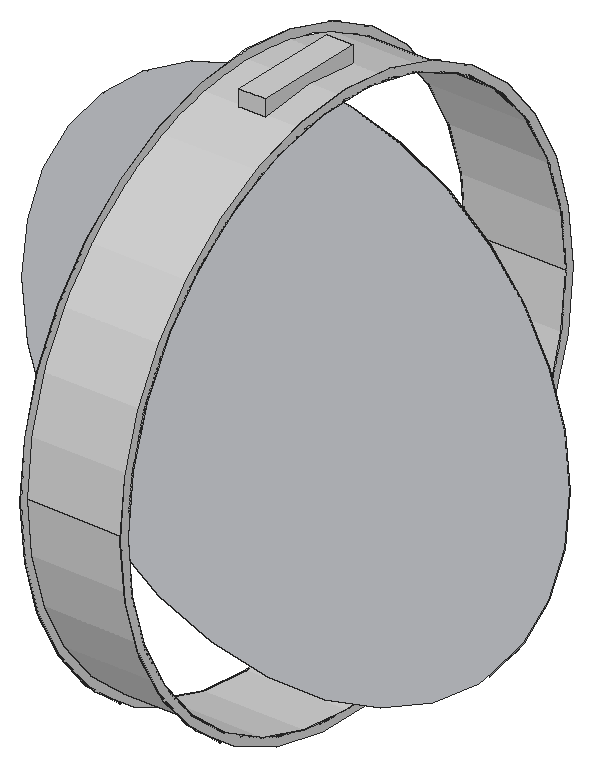
Revit family "НЕВАТОМ_Заслонка Э-D-ОЦ-Ф.Ф., Версия 2", category Арматура воздуховодов, Revit 2017
Family settings
  Размер круглого соединителя = Использовать диаметр
  Тип детали = Вставляется
  На основе рабочей плоскости = Нет
  Всегда вертикально = Нет
  При загрузке вырезать с полостями = Нет
  Общий = Нет
Parameters (values of type "Заслонка-Э-D-ф.ф.")
  Ширина крепления [instance] = D / 5  # 250 mm
  ШП = 150 mm  # constant formula
  Открыто = and(not(Закрыто))  # yes
  Материал корпуса = Материал корпуса
  Закрыто = no
  t = 1 mm
  Nevatom_URL = "https://t.me/NEVATOM_Bim_bot"
  H [instance] = D / 2 + 25 mm  # 650 mm
  Dф [instance] = D + 40 mm  # 1290 mm
  Длина площадки = 60 mm  # constant formula
  Dt [instance] = D + 2 * t  # 1252 mm
  L [instance] = size_lookup("НЕВАТОМ_Заслонка Э-D-ФФ", "L", 0 mm, D)  # 230 mm
  ADSK_Ток = 0 A
  ADSK_Полная мощность = 0 VA
  ADSK_Напряжение = 220 V
  D [instance] = 1250 mm
  ADSK_Расход воздуха [instance] = 0.0 m³/h
  ADSK_Примечание = ""
  ADSK_Потеря давления воздуха = 0.0 Pa
  ADSK_Позиция = ""
  ADSK_Наименование = "Заслонка круглого сечения"  # constant formula
  ADSK_Материал наименование = "Оцинкованная сталь"  # constant formula
  ADSK_Марка [instance] = size_lookup("НЕВАТОМ_Заслонка Э-D-ФФ", "", "нет типоразмера", D)  # "Заслонка-Э-1250-оц.-ф.ф."
  ADSK_Количество фаз = 1
  ADSK_Количество = 1  # constant formula
  ADSK_Код изделия = ""
  ADSK_Завод-изготовитель = "НЕВАТОМ"  # constant formula
  ADSK_Единица измерения = "шт."  # constant formula
Reference planes
  plane 1 "По центру (Вперед/Назад)": y = 0
  plane 2: z = 0
  plane 3 "По центру (Влево/Вправо)": x = 0
  plane 4: y = 625
  plane 5: y = -625
  plane 6: x = -115
  plane 7: x = 115
  plane 8: z = 626
  plane 9: z = -626
  plane 10: y = -626
  plane 11: y = 626
  plane 12: y = -125
  plane 13: y = 125
Forms (mm)
  Extrusion 1, solid, material "Материал корпуса" <- "Материал корпуса"
    sketch origin (0, 0, 0) x (0, 1, 0) y (0, 0, 1)
      loop
        circle (0, 0) r 626
      loop
        circle (0, 0) r 625
    from -115 to 115
  Extrusion 2, solid, visible <- "Открыто"
    sketch origin (0, 0, 0) x (1, 0, 0) y (0, 0, 1)
      loop
        circle (0, 0) r 625
    from -0.5 to 0.5
  Extrusion 3, solid, material "Материал корпуса" <- "Материал корпуса", visible <- "Закрыто"
    sketch origin (0, 0, 0) x (0, 1, 0) y (0, 0, 1)
      loop
        circle (0.5, 0) r 625
    from -0.5 to 0.5
  Extrusion 4, solid, material "Материал корпуса" <- "Материал корпуса"
    sketch origin (0, 0, 0) x (0, 1, 0) y (0, 0, 1)
      loop
        circle (0.5, 0) r 626
      loop
        circle (0.5, 0) r 645
    from -115 to -114
  Extrusion 5, solid, material "Материал корпуса" <- "Материал корпуса"
    sketch origin (0, 0, 0) x (0, 1, 0) y (0, 0, -1)
      loop
        circle (0.5, 0) r 626
      loop
        circle (0.5, 0) r 645
    from -115 to -114
  Extrusion 6, solid, material "Материал корпуса"
    sketch origin (0, 0, 0) x (0, 1, 0) y (0, 0, 1)
      loop
        arc (-125, 612.372) -> (0, 625) -> (125, 612.372) r 625
        line (125, 612.372) -> (125, 650) -> (-125, 650) -> (-125, 612.372)
    from -30 to 30
  Extrusion 7, solid, material "Материал корпуса", not visible
    sketch origin (0, 0, 0) x (1, 0, 0) y (0, 1, 0)
      loop
        line (-30, 125) -> (-30, -25) -> (30, -25) -> (30, 125) -> (-30, 125)
    from 626 to 650
Dimensions and locks
  equal spacing: plane 6, plane 3 "По центру (Влево/Вправо)", plane 7
  "L": plane 6 to plane 7
  equal spacing: plane 4, plane 1 "По центру (Вперед/Назад)", plane 5
  "D": plane 4 to plane 5
  equal spacing: plane 8, level, plane 9
  "Dt": plane 8 to plane 9
  equal spacing: plane 10, plane 1 "По центру (Вперед/Назад)", plane 11
  "Dt": plane 10 to plane 11
  equal spacing: Extrusion 2, plane 1 "По центру (Вперед/Назад)", Extrusion 2
  "t": Extrusion 2 to Extrusion 2
  equal spacing: Extrusion 3, plane 3 "По центру (Влево/Вправо)", Extrusion 3
  "t": Extrusion 3 to Extrusion 3
  equal spacing: plane 12, plane 1 "По центру (Вперед/Назад)", plane 13
  "Ширина крепления": plane 12 to plane 13
  "H": Extrusion 6 sketch curve to level
  equal spacing: Extrusion 6, plane 3 "По центру (Влево/Вправо)", Extrusion 6
  "Длина площадки": Extrusion 6 to Extrusion 6
  equal spacing: Extrusion 7 sketch curve, plane 3 "По центру (Влево/Вправо)", Extrusion 7 sketch curve
  "Длина площадки": Extrusion 7 sketch curve to Extrusion 7 sketch curve
  "t": plane 6 to Extrusion 4
  "t": Extrusion 5 to plane 7
  plane 6 to plane 7 = 230 mm
  plane 13 to plane 12 = 250 mm
  "ШП": plane 13 to Extrusion 7 sketch curve
  "D": diameter of Extrusion 1 sketch curve
  "Dt": diameter of Extrusion 1 sketch curve
  "D": diameter of Extrusion 2 sketch curve
  "D": diameter of Extrusion 3 sketch curve
  "Dt": diameter of Extrusion 4 sketch curve
  "Dф": diameter of Extrusion 4 sketch curve
  "Dt": diameter of Extrusion 5 sketch curve
  "Dф": diameter of Extrusion 5 sketch curve
  aligned and locked: level to plane 2
  aligned and locked: Extrusion 6 sketch curve to Extrusion 1
  aligned and locked: plane 7 to Extrusion 1
  aligned and locked: Extrusion 1 to plane 6
  aligned and locked: plane 7 to Extrusion 5
  aligned and locked: Extrusion 4 to plane 6
  aligned and locked: plane 13 to Extrusion 7
  aligned and locked: Extrusion 7 to plane 8
  aligned and locked: Extrusion 7 to Extrusion 6
Automatic sketch dimensions
  Extrusion 1 sketch curve to Extrusion 1 sketch curve = 0 mm  (x2)
  Extrusion 1 sketch curve to level = 0 mm
  Extrusion 1 sketch curve to plane 1 "По центру (Вперед/Назад)" = 0 mm
  Extrusion 2 sketch curve to level = 0 mm
  Extrusion 2 sketch curve to plane 3 "По центру (Влево/Вправо)" = 0 mm
  Extrusion 3 sketch curve to level = 0 mm
  Extrusion 3 sketch curve to plane 1 "По центру (Вперед/Назад)" = 0.5 mm
  Extrusion 4 sketch curve to Extrusion 4 sketch curve = 0 mm  (x2)
  Extrusion 4 sketch curve to level = 0 mm
  Extrusion 4 sketch curve to plane 1 "По центру (Вперед/Назад)" = 0.5 mm
  Extrusion 5 sketch curve to Extrusion 5 sketch curve = 0 mm  (x2)
  Extrusion 5 sketch curve to level = 0 mm
  Extrusion 5 sketch curve to plane 1 "По центру (Вперед/Назад)" = 0.5 mm
  Extrusion 6 sketch curve to plane 12 = 0 mm
  Extrusion 6 sketch curve to plane 13 = 0 mm
  Extrusion 7 sketch curve to plane 13 = 0 mm
Connectors
  hvac at (115, 0, 0), driven by "D"
    settings: on Extrusion 1, index 1, duct flow 0.0 m³/h, flow factor 0, pres drop 0.0 Pa, loss coef 0, conn angle 0.00°, conn width 304.8 mm, conn height 304.8 mm, conn diameter 1250 mm, duct sys type 29, conn prof type 0, flow config 0, flow direction 0, loss method 0, conn ref index 2, conn util no, is conn primary yes, conn desc ""
  hvac at (-115, 0, 0), driven by "D", driven by "ADSK_Расход воздуха"
    settings: on Extrusion 1, index 2, duct flow 0.0 m³/h, flow factor 0, pres drop 0.0 Pa, loss coef 0, conn angle 0.00°, conn width 304.8 mm, conn height 304.8 mm, conn diameter 1250 mm, duct sys type 29, conn prof type 0, flow config 0, flow direction 0, loss method 0, conn ref index 1, conn util no, is conn primary no, conn desc ""
  electrical at (0, 0, 650), driven by "ADSK_Напряжение", driven by "ADSK_Количество фаз"
    settings: on Extrusion 6, index 3, voltage 220 V, apparent load 0 VA, apparent load phase1 0 VA, apparent load phase2 0 VA, apparent load phase3 0 VA, power factor 1, load classification "Прочее", number of poles 1, system type 30, power factor state 1, is connector primary yes, connector utility no, sub classification motor no, connector description ""
